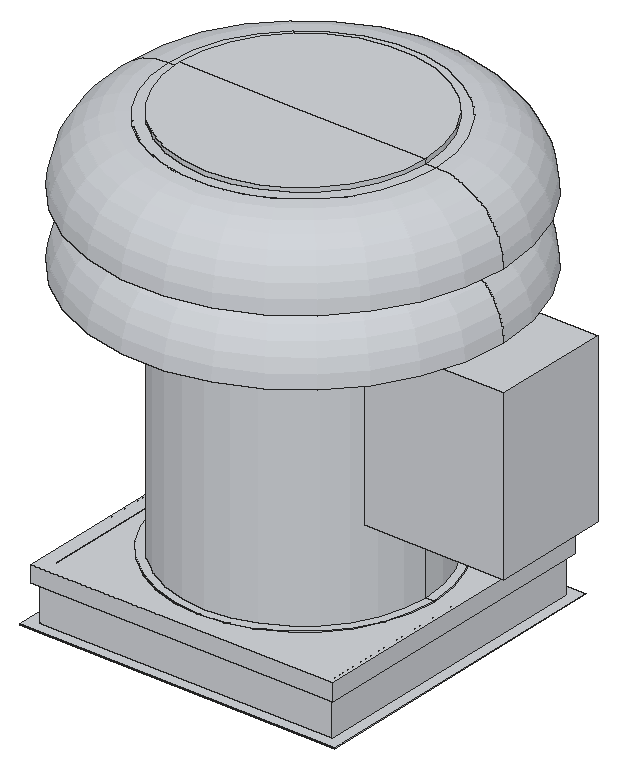
Revit family "TCNHS-B", category Mechanical Equipment, Revit 2019
Family settings
  Round Connector Dimension = Use Diameter
  Part Type = Normal
  Work Plane-Based = No
  Always vertical = Yes
  Cut with Voids When Loaded = No
  Shared = No
  Room Calculation Point = No
Parameters (values of type "270_TCNHS-B")
  Unit Weight [instance] = ""
  T_SQ/2 = T_SQ / 2  # 2' - 3"
  T_SQ = 4' - 6"
  Sones [instance] = ""
  RO/2 = RO / 2  # 2' - 0 3/4"
  RO = T_SQ - 0' 4 1/2"  # 4' - 1 1/2"
  Motor RPM [instance] = ""
  Motor Enclosure [instance] = ""
  ModelID [instance] = ""
  LwA [instance] = ""
  J/2 = J / 2  # 0' - 10 1/2"
  J = 1' - 9"
  H = 6' - 1 3/4"
  G = 2' - 6"
  Fan RPM [instance] = ""
  FAN_RAD = FAN_DIA / 2  # 1' - 10"
  FAN_DIA = 3' - 8"
  F = 5' - 11 11/16"
  E+A-1"-G = E + A - 0' 1" - G  # 1' - 6 1/2"
  E+A-1" = E + A - 0' 1"  # 4' - 0 1/2"
  E = 0' - 3"  # constant formula
  D/2 = D / 2  # 1' - 10"
  D = 3' - 8"
  CURB_HEIGHT [instance] = 0' - 9 1/2"
  CURB [instance] = yes
  C/2 = C / 2  # 3' - 0 1/2"
  C = 6' - 1"
  B = 2' - 1"
  Accessories [instance] = ""
  A-.5" = A - 0' 0 1/2"  # 3' - 10"
  A = 3' - 10 1/2"
  5" = 0' - 5"  # constant formula
  3" = 0' - 3"  # constant formula
  Brake Hp [instance] = ""
  4" = 0' - 4"  # constant formula
  2' = 2' - 0"
  2" = 0' - 2"  # constant formula
  1" = 0' - 1"  # constant formula
  0 = 0' - 0"  # constant formula
  Voltage [instance] = 0 V
  URL = "www.lorencook.com"
  Type Comments = "Tubular Centrifugal Inline Roof Mounted / Supply Belt Drive"  # constant formula
  Static Pressure [instance] = 0.00 in-wg
  Power [instance] = Voltage * Motor FLA * sqrt(if(Phase = 3, 3, 1))  # 0 VA
  Phase [instance] = 0
  Number of Poles [instance] = 1
  Motor Hp [instance] = "0"
  Motor FLA [instance] = 0 A
  Model = "TCNHS-B"  # constant formula
  Manufacturer = "Loren Cook Company"
  CFM [instance] = 0 CFM
  1.5 = 0' - 1 1/2"  # constant formula
  ONE EIGTH = 0' - 0 1/8"  # constant formula
  (T_SQ/2)+.125" = (T_SQ / 2) + 0' 0 1/8"  # 2' - 3 1/8"
  (D+.25")/2 = (D + 0' 0 1/4") / 2  # 1' - 10 1/8"
  (B/2)-.5" = (B / 2) - 0' 0 1/2"  # 1' - 0"
Types (16): name | T_SQ/2 | T_SQ | RO/2 | RO | J/2 | J | H | G | FAN_RAD | FAN_DIA | F | E+A-1"-G | E+A-1" | D/2 | D | C/2 | C | B | A-.5" | A | (T_SQ/2)+.125" | (D+.25")/2 | (B/2)-.5"
  (no name) | 2' - 3" | 4' - 6" | 2' - 0 3/4" | 4' - 1 1/2" | 0' - 10 1/2" | 1' - 9" | 6' - 1 3/4" | 2' - 6" | 1' - 10" | 3' - 8" | 5' - 11 11/16" | 1' - 6 1/2" | 4' - 0 1/2" | 1' - 10" | 3' - 8" | 3' - 0 1/2" | 6' - 1" | 2' - 1" | 3' - 10" | 3' - 10 1/2" | 2' - 3 1/8" | 1' - 10 1/8" | 1' - 0"
  100_TCNHS-B | 1' - 0" | 2' - 0" | 0' - 9 3/4" | 1' - 7 1/2" | 0' - 6 1/2" | 1' - 1" | 2' - 8 15/16" | 1' - 6" | 0' - 8" | 1' - 4" | 2' - 9 1/4" | 0' - 6" | 2' - 0" | 0' - 8" | 1' - 4" | 1' - 2 1/8" | 2' - 4 1/4" | 0' - 9" | 1' - 9 1/2" | 1' - 10" | 1' - 0 1/8" | 0' - 8 1/8" | 0' - 4"
  120_TCNHS-B | 1' - 0" | 2' - 0" | 0' - 9 3/4" | 1' - 7 1/2" | 0' - 6 1/2" | 1' - 1" | 2' - 9 15/16" | 1' - 6" | 0' - 9" | 1' - 6" | 2' - 11" | 0' - 7" | 2' - 1" | 0' - 9" | 1' - 6" | 1' - 2 1/8" | 2' - 4 1/4" | 0' - 9" | 1' - 10 1/2" | 1' - 11" | 1' - 0 1/8" | 0' - 9 1/8" | 0' - 4"
  135_TCNHS-B | 1' - 2" | 2' - 4" | 0' - 11 3/4" | 1' - 11 1/2" | 0' - 6 1/2" | 1' - 1" | 3' - 5 1/4" | 1' - 6" | 0' - 10 1/2" | 1' - 9" | 3' - 3 1/8" | 0' - 8 1/2" | 2' - 2 1/2" | 0' - 10 1/2" | 1' - 9" | 1' - 9 1/8" | 3' - 6 1/4" | 1' - 2" | 2' - 0" | 2' - 0 1/2" | 1' - 2 1/8" | 0' - 10 5/8" | 0' - 6 1/2"
  150_TCNHS-B | 1' - 3" | 2' - 6" | 1' - 0 3/4" | 2' - 1 1/2" | 0' - 8 3/8" | 1' - 4 3/4" | 3' - 7 3/4" | 1' - 10" | 1' - 0" | 2' - 0" | 3' - 5 3/4" | 0' - 7" | 2' - 5" | 1' - 0" | 2' - 0" | 1' - 9 1/8" | 3' - 6 1/4" | 1' - 2" | 2' - 2 1/2" | 2' - 3" | 1' - 3 1/8" | 1' - 0 1/8" | 0' - 6 1/2"
  165_TCNHS-B | 1' - 3" | 2' - 6" | 1' - 0 3/4" | 2' - 1 1/2" | 0' - 8 3/8" | 1' - 4 3/4" | 3' - 9 1/4" | 1' - 10" | 1' - 1" | 2' - 2" | 3' - 7 3/16" | 0' - 8 1/2" | 2' - 6 1/2" | 1' - 1" | 2' - 2" | 1' - 9 1/8" | 3' - 6 1/4" | 1' - 2" | 2' - 4" | 2' - 4 1/2" | 1' - 3 1/8" | 1' - 1 1/8" | 0' - 6 1/2"
  180_TCNHS-B | 1' - 6" | 3' - 0" | 1' - 3 3/4" | 2' - 7 1/2" | 0' - 8 3/8" | 1' - 4 3/4" | 3' - 11 3/4" | 1' - 10" | 1' - 2" | 2' - 4" | 3' - 11 9/16" | 0' - 11" | 2' - 9" | 1' - 2" | 2' - 4" | 1' - 9 1/8" | 3' - 6 1/4" | 1' - 2" | 2' - 6 1/2" | 2' - 7" | 1' - 6 1/8" | 1' - 2 1/8" | 0' - 6 1/2"
  195_TCNHS-B | 1' - 7" | 3' - 2" | 1' - 4 3/4" | 2' - 9 1/2" | 0' - 8 3/8" | 1' - 4 3/4" | 5' - 6 3/4" | 1' - 10" | 1' - 3 1/2" | 2' - 7" | 4' - 2 7/16" | 1' - 1 1/4" | 2' - 11 1/4" | 1' - 3 1/2" | 2' - 7" | 2' - 2 1/4" | 4' - 4 1/2" | 2' - 7" | 2' - 8 3/4" | 2' - 9 1/4" | 1' - 7 1/8" | 1' - 3 5/8" | 1' - 3"
  210_TCNHS-B | 1' - 9" | 3' - 6" | 1' - 6 3/4" | 3' - 1 1/2" | 0' - 8 3/8" | 1' - 4 3/4" | 5' - 8" | 1' - 10" | 1' - 5" | 2' - 10" | 4' - 6 1/4" | 1' - 2 1/2" | 3' - 0 1/2" | 1' - 5" | 2' - 10" | 2' - 2 1/4" | 4' - 4 1/2" | 2' - 7" | 2' - 10" | 2' - 10 1/2" | 1' - 9 1/8" | 1' - 5 1/8" | 1' - 3"
  225_TCNHS-B | 1' - 9" | 3' - 6" | 1' - 6 3/4" | 3' - 1 1/2" | 0' - 9" | 1' - 6" | 5' - 9" | 2' - 1" | 1' - 6" | 3' - 0" | 4' - 11" | 1' - 0 1/2" | 3' - 1 1/2" | 1' - 6" | 3' - 0" | 2' - 2 1/4" | 4' - 4 1/2" | 2' - 7" | 2' - 11" | 2' - 11 1/2" | 1' - 9 1/8" | 1' - 6 1/8" | 1' - 3"
  245_TCNHS-B | 2' - 0" | 4' - 0" | 1' - 9 3/4" | 3' - 7 1/2" | 0' - 9" | 1' - 6" | 6' - 4" | 2' - 1" | 1' - 8" | 3' - 4" | 5' - 4 5/16" | 1' - 6" | 3' - 7" | 1' - 8" | 3' - 4" | 2' - 7 1/4" | 5' - 2 1/2" | 2' - 9" | 3' - 4 1/2" | 3' - 5" | 2' - 0 1/8" | 1' - 8 1/8" | 1' - 4"
  270_TCNHS-B | 2' - 3" | 4' - 6" | 2' - 0 3/4" | 4' - 1 1/2" | 0' - 10 1/2" | 1' - 9" | 6' - 1 3/4" | 2' - 6" | 1' - 10" | 3' - 8" | 5' - 11 11/16" | 1' - 6 1/2" | 4' - 0 1/2" | 1' - 10" | 3' - 8" | 3' - 0 1/2" | 6' - 1" | 2' - 1" | 3' - 10" | 3' - 10 1/2" | 2' - 3 1/8" | 1' - 10 1/8" | 1' - 0"
  300_TCNHS-B | 2' - 3" | 4' - 6" | 2' - 0 3/4" | 4' - 1 1/2" | 0' - 10 1/2" | 1' - 9" | 6' - 3 1/2" | 2' - 6" | 2' - 0" | 4' - 0" | 6' - 1 15/16" | 1' - 8 1/4" | 4' - 2 1/4" | 2' - 0" | 4' - 0" | 3' - 0 1/2" | 6' - 1" | 2' - 1" | 3' - 11 3/4" | 4' - 0 1/4" | 2' - 3 1/8" | 2' - 0 1/8" | 1' - 0"
  60_TCNHS-B | 1' - 0" | 2' - 0" | 0' - 9 3/4" | 1' - 7 1/2" | 0' - 6 1/2" | 1' - 1" | 2' - 8 15/16" | 1' - 6" | 0' - 8" | 1' - 4" | 2' - 9 1/4" | 0' - 6" | 2' - 0" | 0' - 8" | 1' - 4" | 1' - 2 1/8" | 2' - 4 1/4" | 0' - 9" | 1' - 9 1/2" | 1' - 10" | 1' - 0 1/8" | 0' - 8 1/8" | 0' - 4"
  70_TCNHS-B | 1' - 0" | 2' - 0" | 0' - 9 3/4" | 1' - 7 1/2" | 0' - 6 1/2" | 1' - 1" | 2' - 8 15/16" | 1' - 6" | 0' - 8" | 1' - 4" | 2' - 9 1/4" | 0' - 6" | 2' - 0" | 0' - 8" | 1' - 4" | 1' - 2 1/8" | 2' - 4 1/4" | 0' - 9" | 1' - 9 1/2" | 1' - 10" | 1' - 0 1/8" | 0' - 8 1/8" | 0' - 4"
  80_TCNHS-B | 1' - 0" | 2' - 0" | 0' - 9 3/4" | 1' - 7 1/2" | 0' - 6 1/2" | 1' - 1" | 2' - 8 15/16" | 1' - 6" | 0' - 8" | 1' - 4" | 2' - 9 1/4" | 0' - 6" | 2' - 0" | 0' - 8" | 1' - 4" | 1' - 2 1/8" | 2' - 4 1/4" | 0' - 9" | 1' - 9 1/2" | 1' - 10" | 1' - 0 1/8" | 0' - 8 1/8" | 0' - 4"
Reference planes (in)
  plane 1 "Center (Front/Back)": y = 0
  plane 2: z = 0
  plane 3 "Center (Left/Right)": x = 0.40541
Forms (in)
  Extrusion 1, solid
    sketch origin (0, 0, 0) x (1, 0, 0) y (0, 1, 0)
      loop
        line (-26.71959, 27.125) -> (-26.71959, -27.125) -> (27.53041, -27.125) -> (27.53041, 27.125) -> (-26.71959, 27.125)
    from 0 to 3 <- "E"
  Extrusion 2, void
    sketch origin (0, 0, 0) x (1, 0, 0) y (0, 1, 0)
      loop
        line (-26.59459, 27) -> (-26.59459, -27) -> (27.40541, -27) -> (27.40541, 27) -> (-26.59459, 27)
    from 0 to 2.875
  Revolve 3, solid
    sketch origin (0, 0, 0) x (1, 0, 0) y (0, 0, 1)
      loop
        line (0.40541, 3) -> (24.03041, 3) -> (24.03041, 3.125) -> (22.53041, 3.125) -> (22.53041, 49) -> (36.53041, 49)
        arc (36.53041, 49) -> (33.01569, 57.48528) -> (24.53041, 61) r 12
        line (24.53041, 61) -> (36.53041, 61)
        arc (36.53041, 61) -> (33.01569, 69.48528) -> (24.53041, 73) r 12
        line (24.53041, 73) -> (22.53041, 73) -> (22.53041, 73.75) -> (0.40541, 73.75) -> (0.40541, 3)
      axis (0.40541, 73.75) -> (0.40541, 3)
    angle from 0 to 360
  Extrusion 4, solid
    sketch origin (0, 0, 0) x (1, 0, 0) y (0, 1, 0)
      loop
        arc (19.88016, 10.5) -> (22.53041, 0) -> (19.88016, -10.5) r 22.125
        line (19.88016, -10.5) -> (44.96791, -10.5) -> (44.96791, 10.5) -> (19.88016, 10.5)
    from 18.5 <- "E+A-1"-G" to 48.5 <- "E+A-1""
  Extrusion 5, solid, visible <- "CURB"
    sketch origin (0, 0, 2.875) x (0, 1, 0) y (1, 0, 0)
      loop
        line (-24.75, -24.34459) -> (24.75, -24.34459) -> (24.75, 25.15541) -> (-24.75, 25.15541) -> (-24.75, -24.34459)
      loop
        line (26.25, 26.65541) -> (-26.25, 26.65541) -> (-26.25, -25.84459) -> (26.25, -25.84459) -> (26.25, 26.65541)
    from 0 to 9.5 <- "CURB_HEIGHT"
  Extrusion 6, solid, visible <- "CURB"
    sketch origin (0, 0, -6.625) x (-1, 0, 0) y (0, 1, 0)
      loop
        line (25.84459, -26.25) -> (25.84459, 26.25) -> (-26.65541, 26.25) -> (-26.65541, -26.25) -> (25.84459, -26.25)
      loop
        line (-28.65541, 28.25) -> (-28.65541, -28.25) -> (27.84459, -28.25) -> (27.84459, 28.25) -> (-28.65541, 28.25)
    from 0 to -0.125
Cuts and joins
  Extrusion 2 cuts Extrusion 1
Dimensions and locks (in)
  "(T_SQ/2)+.125"": Extrusion 1 sketch curve to plane 3 "Center (Left/Right)"
  "(T_SQ/2)+.125"": plane 3 "Center (Left/Right)" to Extrusion 1 sketch curve
  "(T_SQ/2)+.125"": plane 1 "Center (Front/Back)" to Extrusion 1 sketch curve
  "(T_SQ/2)+.125"": Extrusion 1 sketch curve to plane 1 "Center (Front/Back)"
  "ONE EIGTH": Extrusion 2 sketch curve to Extrusion 1  (x2)
  "ONE EIGTH": Extrusion 1 to Extrusion 2 sketch curve  (x2)
  "0": Revolve 3 sketch curve to cut or joined group of Extrusion 1, Extrusion 2
  "ONE EIGTH": Revolve 3 sketch curve to Revolve 3 sketch curve
  "0": Revolve 3 sketch curve to plane 3 "Center (Left/Right)"  (x2)
  "(D+.25")/2": Revolve 3 sketch curve to plane 3 "Center (Left/Right)"  (x2)
  "H": Revolve 3 sketch curve to level
  "A-.5"": Revolve 3 sketch curve to Revolve 3 sketch curve
  "0": Revolve 3 sketch curve to Revolve 3 sketch curve
  "(B/2)-.5"": Revolve 3 sketch curve to Revolve 3 sketch curve  (x2)
  "1.5": Revolve 3 sketch curve to Revolve 3 sketch curve
  "0": Extrusion 4 sketch curve to plane 3 "Center (Left/Right)"
  "0": Extrusion 4 sketch curve to plane 1 "Center (Front/Back)"
  "J/2": plane 1 "Center (Front/Back)" to Extrusion 4 sketch curve
  "J/2": Extrusion 4 sketch curve to plane 1 "Center (Front/Back)"
  "F": cut or joined group of Extrusion 1, Extrusion 2 to Extrusion 4 sketch curve
  "1.5": Extrusion 5 sketch curve to Extrusion 5 sketch curve  (x4)
  "RO/2": Extrusion 5 sketch curve to plane 3 "Center (Left/Right)"
  "RO/2": plane 3 "Center (Left/Right)" to Extrusion 5 sketch curve
  "RO/2": Extrusion 5 sketch curve to plane 1 "Center (Front/Back)"  (x2)
  "2"": Extrusion 6 sketch curve to Extrusion 6 sketch curve  (x4)
  "0": Extrusion 6 sketch curve to Extrusion 5  (x3)
  "0": Extrusion 5 to Extrusion 6 sketch curve
  "(B/2)-.5"": radius of Revolve 3 sketch curve  (x2)
  "(D+.25")/2": radius of Extrusion 4 sketch curve
Automatic sketch dimensions
  Revolve 3 sketch curve to level = 0' - 0"
  Revolve 3 sketch curve to Revolve 3 sketch curve = 0' - 2"
  Revolve 3 sketch curve to Revolve 3 sketch curve = 0' - 0"
  Revolve 3 sketch curve to level = 0' - 4"
  Extrusion 4 sketch curve to Extrusion 4 sketch curve = 0' - 0"
Connectors (in)
  electrical at (32.42403, 0, 18.5)
    settings: on Extrusion 4, index 1, voltage 0 V, apparent load 0 VA, apparent load phase1 0 VA, apparent load phase2 0 VA, apparent load phase3 0 VA, power factor 1, load classification "Other", number of poles 1, system type 30, power factor state 1, is connector primary yes, connector utility no, sub classification motor no, connector description ""
  hvac at (0.40541, 0, 3), driven by "CFM", driven by "RO", driven by "RO"
    settings: on cut or joined group of Extrusion 1, Extrusion 2, index 2, duct flow 0 CFM, flow factor 0, pres drop 0.00 in-wg, loss coef 0, conn angle 0.00°, conn width 49 1/2", conn height 49 1/2", conn diameter 24", duct sys type 1, conn prof type 1, flow config 0, flow direction 2, loss method 0, conn ref index -1, conn util no, is conn primary yes, conn desc ""
